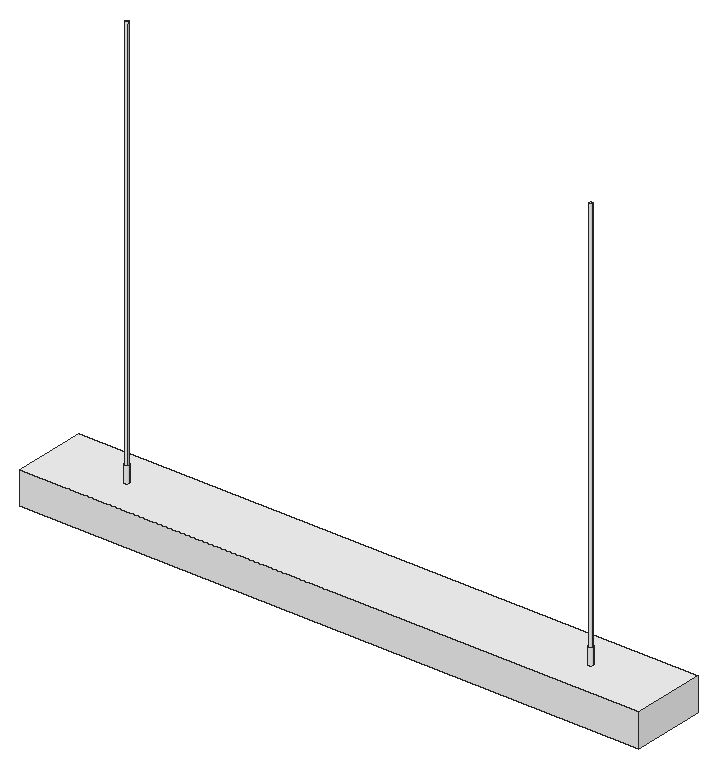
Revit family "Box Lean D - Generic", category Lighting Fixtures, Revit 2014
Parameters (values of type "Box Lean D 1200")
  Wattage = 21 W
  WarrantyGuarantorParts = "n/a"
  WarrantyDurationParts = "n/a"
  WarrantyDescription = "n/a"
  built-in parameter 1150110 = 1 (stored number, unit not read)
  Void Thickness = -2 mm
  Version = "v.1.0"
  Uniclass2 = "Pr_70_70_49_43 Light-Emitting Diode (LED) Luminaires"
  Uniclass 1.4 = "JY73"
  TotalWattage = "Max. 15W / 23W / 33W / 40W"
  built-in parameter 1114217 = 1 (stored number, unit not read)
  Tilt Angle = 90.00°
  built-in parameter 1150109 = 1 (stored number, unit not read)
  built-in parameter 1150134 = 12
  TagNumber = "n/a"
  SustainabilityPerformance = "n/a"
  Suspended Distance = 800 mm
  built-in parameter 1150113 = 1 (stored number, unit not read)
  SupplyCircuitConductorConnections = "n/a"
  Size = "142 x 1200 x 63 mm"
  Shape = "Rectangle"
  ProductInformation = "http://riegens.com/box-lean"
  PhotometricPerformance = "In accordance with BS EN 13032-1"
  Photometric Web File = "Box Lean 1200 21W 4000K Satinmatt.ies"
  PhaseReference = "IEC recommendations"
  Optic = "Satin-matt double parabolic louvre (DP-SM)"
  NominalVoltage = "220-240V"
  ModelReference = "Box Lean D 1200"
  Material = "Steel, lens optic in PMMA, double parabolic louvre in Miro finish"
  ManufacturersSpecificInformation = "n/a"
  ManufacturerURL = "www.riegens.com"
  Manufacturer = "Riegens A/S"
  built-in parameter 1150105 = 812.86 (stored number, unit not read)
  Lumens = 2247 lm
  LuminaireType = "Direct LED Luminaire"
  LuminairePowerFactor = ">0,9"
  built-in parameter 1150115 = 1 (stored number, unit not read)
  LightSource = "LED 3000K / 4000K"
  LightFixturePlacingType = "Ceiling"
  LightFixtureMountingType = "Surface / Suspended"
  built-in parameter 1150137 = (empty or 0)
  built-in parameter 1150139 = (empty or 0)
  LampType = "LED"
  LampRating = "13W / 21W / 31W / 38W"
  LampColourRenderingIndex = "Ra>80"
  built-in parameter 1150112 = 1 (stored number, unit not read)
  built-in parameter 1150114 = 1 (stored number, unit not read)
  InternalFuse = "Only required in emergency versions"
  InsulationStandardClass = "Class 1"
  built-in parameter 1150132 = (empty or 0)
  built-in parameter 1150102 = (empty or 0)
  built-in parameter 1150107 = 4000 (stored number, unit not read)
  built-in parameter 1150138 = (empty or 0)
  built-in parameter 1150106 = 8.1286 (stored number, unit not read)
  IfcExportType = "NOTDEFINED"
  IfcExportAs = "IfcLightFixtureType"
  IP_Code = "IP20"
  Height 1 = 63 mm
  HasProtectiveEarth = "TRUE"
  Grade = "n/a"
  Glass = Riegens_Glass_opal
  Frame Width = 1200 mm
  Frame Depth = 142 mm
  Frame = Riegens_Steel_Powder coated white RAL901025
  Fixing point Suspended = 900 mm
  Fixing point Surface = 980 mm
  Fixing point Height = if(Suspended Distance = 0 mm, 5 mm, 30 mm)  # 30 mm
  Finish = "Powder coated"
  Features = "n/a"
  built-in parameter 1150104 = 9.9406 (stored number, unit not read)
  Documentation = "See URL hyperlink"
  DocumentReference = "See URL hyperlink"
  Dimming Lamp Color Temperature Shift = <None>
  Description = "70-80-35 General Lighting Systems"
  ControlGearPosition = "Integrated "
  Constituents = "n/a"
  Colour = "White"
  Color Filter = 16777215
  CodePerformance = "n/a"
  Cassette Width = 0 mm
  Cassette Depth = 0 mm
  CCSTopnode = "L"
  CCSClassName = "Belysningsarmatur"
  CCSClassCode = "UAC"
  BarCode = "n/a"
  BallastsCELMAEnergyEfficiencyIndex = "Class A1/A2"
  built-in parameter 1114218 = 1 (stored number, unit not read)
  BSAB 96 = "SNB.2"
  BIMObjectName = "Box Lean D 1200.rfa"
  Author = "3dbyggeri"
  built-in parameter 1150133 = 10 (stored number, unit not read)
  AssetType = "Moveable/Fixed"
  AssetIdentifier = "n/a"
  ArticleNumber = "See URL hyperlink"
  AccessibilityPerformance = "n/a"
Types (3, lengths in mm): name | Wattage | TotalWattage | Suspended Distance | Size | Photometric Web File | ModelReference | built-in parameter 1150105 | Lumens | LampRating | built-in parameter 1150106 | Frame Width | Fixing point Suspended | Fixing point Surface | built-in parameter 1150104 | BIMObjectName
  (no name) | 21 W | "Max. 15W / 23W / 33W / 40W" | 800 | "142 x 1200 x 63 mm" | "Box Lean 1200 21W 4000K Satinmatt.ies" | "Box Lean D 1200" | 812.86 (stored number, unit not read) | 2247 lm | "13W / 21W / 31W / 38W" | 8.1286 (stored number, unit not read) | 1200 | 900 | 980 | 9.9406 (stored number, unit not read) | "Box Lean D 1200.rfa"
  Box Lean D 1200 | 21 W | "Max. 15W / 23W / 33W / 40W" | 800 | "142 x 1200 x 63 mm" | "Box Lean 1200 21W 4000K Satinmatt.ies" | "Box Lean D 1200" | 812.86 (stored number, unit not read) | 2247 lm | "13W / 21W / 31W / 38W" | 8.1286 (stored number, unit not read) | 1200 | 900 | 980 | 9.9406 (stored number, unit not read) | "Box Lean D 1200.rfa"
  Box Lean D 1500 | 48 W | "Max. 50W" | 900 | "142 x 1500 x 63 mm" | "Box Lean 1500 48W 4000K DP Satinmatt.ies" | "Box Lean D 1500" | 2805.8 (stored number, unit not read) | 4656 lm | "48W" | 28.058 (stored number, unit not read) | 1500 | 1200 | 1280 | 9.0116 (stored number, unit not read) | "Box Lean D 1500.rfa"
Reference planes
  plane 1 "Center (Front/Back)": y = 0
  plane 2: z = 0
  plane 3 "Center (Left/Right)": x = 0
  plane 4: x = -600
  plane 5: x = 600
  plane 6: y = 71
  plane 7: y = -71
  plane 8: y = 41
  plane 9: y = -41
  plane 10: x = -578
  plane 11: x = 578
  plane 12: x = -280
  plane 13: x = 280
  plane 14: y = 17.5
  plane 15: y = -17.5
  plane 16: z = 63
  plane 17: z = 123
  plane 18: z = 863
  plane 19: z = 93
  plane 20: x = -450
  plane 21: x = 450
Forms (mm)
  Extrusion 1, solid, material "Riegens_Steel_Powder coated white RAL901025" <- "Frame"
    sketch origin (185, 184, 0) x (1, 0, 0) y (0, 1, 0)
      loop
        line (-785, -113) -> (-785, -255) -> (415, -255) -> (415, -113) -> (-785, -113)
    from 0 to 63
  Extrusion 2, void
    sketch origin (0, 0, 0) x (1, 0, 0) y (0, 1, 0)
      loop
        line (-578, 41) -> (-578, -41) -> (578, -41) -> (578, 41) -> (-578, 41)
    from 0.5 to 0
  Extrusion 3, solid, material "Riegens_Glass_opal" <- "Glass"
    sketch origin (0, 0, 0) x (1, 0, 0) y (0, 1, 0)
      loop
        line (-578, 41) -> (-578, -41) -> (578, -41) -> (578, 41) -> (-578, 41)
    from 0.5 to 0
  Extrusion 4, solid, material "Riegens_Steel_Powder coated white RAL901025" <- "Frame"
    sketch origin (-1162.9, -1524, 63) x (-1, 0, 0) y (0, -1, 0)
      loop
        circle (-712.9, -1524) r 5
    from 30 to 0
  Extrusion 5, solid, material "Riegens_Steel_Powder coated white RAL901025" <- "Frame"
    sketch origin (-1162.9, -1524, 63) x (-1, 0, 0) y (0, -1, 0)
      loop
        circle (-1612.9, -1524) r 5
    from 30 to 0
  Extrusion 6, solid, material "Riegens_Steel_Powder coated white RAL901025" <- "Frame"
    sketch origin (-1162.9, -1524, 93) x (-1, 0, 0) y (0, -1, 0)
      loop
        circle (-1612.9, -1524) r 3
    from 770 to 0
  Extrusion 7, solid, material "Riegens_Steel_Powder coated white RAL901025" <- "Frame"
    sketch origin (-1162.9, -1524, 93) x (-1, 0, 0) y (0, -1, 0)
      loop
        circle (-712.9, -1524) r 3
    from 770 to 0
Cuts and joins
  Extrusion 2 cuts Extrusion 1
Lines and regions (mm)
  model lines
    curve 1: line (-578, 41, 0) -> (-578, -41, 0)
    curve 2: line (578, 41, 0) -> (578, -41, 0)
    curve 3: line (-544, 41, 0) -> (-544, -41, 0)
    curve 4: line (-510, 41, 0) -> (-510, -41, 0)
    curve 5: line (-476, 41, 0) -> (-476, -41, 0)
    curve 6: line (-442, 41, 0) -> (-442, -41, 0)
    curve 7: line (-408, 41, 0) -> (-408, -41, 0)
    curve 8: line (-374, 41, 0) -> (-374, -41, 0)
    curve 9: line (-340, 41, 0) -> (-340, -41, 0)
    curve 10: line (-306, 41, 0) -> (-306, -41, 0)
    curve 11: line (-272, 41, 0) -> (-272, -41, 0)
    curve 12: line (-238, 41, 0) -> (-238, -41, 0)
    curve 13: line (-204, 41, 0) -> (-204, -41, 0)
    curve 14: line (-170, 41, 0) -> (-170, -41, 0)
    curve 15: line (-136, 41, 0) -> (-136, -41, 0)
    curve 16: line (-102, 41, 0) -> (-102, -41, 0)
    curve 17: line (-68, 41, 0) -> (-68, -41, 0)
    curve 18: line (-34, 41, 0) -> (-34, -41, 0)
    curve 19: line (0, 41, 0) -> (0, -41, 0)
    curve 20: line (34, 41, 0) -> (34, -41, 0)
    curve 21: line (68, 41, 0) -> (68, -41, 0)
    curve 22: line (102, 41, 0) -> (102, -41, 0)
    curve 23: line (136, 41, 0) -> (136, -41, 0)
    curve 24: line (170, 41, 0) -> (170, -41, 0)
    curve 25: line (204, 41, 0) -> (204, -41, 0)
    curve 26: line (238, 41, 0) -> (238, -41, 0)
    curve 27: line (272, 41, 0) -> (272, -41, 0)
    curve 28: line (306, 41, 0) -> (306, -41, 0)
    curve 29: line (340, 41, 0) -> (340, -41, 0)
    curve 30: line (374, 41, 0) -> (374, -41, 0)
    curve 31: line (408, 41, 0) -> (408, -41, 0)
    curve 32: line (442, 41, 0) -> (442, -41, 0)
    curve 33: line (476, 41, 0) -> (476, -41, 0)
    curve 34: line (510, 41, 0) -> (510, -41, 0)
    curve 35: line (544, 41, 0) -> (544, -41, 0)
Dimensions and locks
  "Frame Width": plane 4 to plane 5
  "Frame Depth": plane 6 to plane 7
  locked: plane 12 to plane 13 at 560
  plane 14 to plane 15 = 35 mm
  equal spacing: plane 4, plane 3 "Center (Left/Right)", plane 5
  locked: plane 4 to plane 10 at 22
  locked: plane 11 to plane 5 at 22
  equal spacing: plane 12, plane 3 "Center (Left/Right)", plane 13
  equal spacing: plane 6, plane 1 "Center (Front/Back)", plane 7
  equal spacing: plane 14, plane 1 "Center (Front/Back)", plane 15
  locked: plane 6 to plane 8 at 30
  locked: plane 9 to plane 7 at 30
  "Height 1": plane 16 to plane 2
  "Suspended Distance": plane 18 to plane 16
  "Fixing point Height": plane 19 to plane 16
  "Fixing point Suspended": plane 20 to plane 21
  equal spacing: plane 20, plane 3 "Center (Left/Right)", plane 21
  equal spacing: group 1, group 3, group 4, group 5, group 6, group 7, group 8, group 9, group 10, group 11, group 12, group 13, group 14, group 15, group 16, group 17, group 18, group 19, group 20, group 21, group 22, group 23, group 24, group 25, group 26, group 27, group 28, group 29, group 30, group 31, group 32, group 33, group 34, group 35, group 2  (x3)
  aligned and locked: Extrusion 1 to plane 4
  aligned and locked: Extrusion 1 to plane 5
  aligned and locked: plane 7 to Extrusion 1
  aligned and locked: plane 6 to Extrusion 1
  aligned and locked: Extrusion 3 to plane 8
  aligned and locked: Extrusion 3 to plane 9
  aligned and locked: plane 10 to Extrusion 3
  aligned and locked: plane 11 to Extrusion 3
  aligned and locked: plane 16 to cut or joined group of Extrusion 1, Extrusion 2
  aligned and locked: plane 3 "Center (Left/Right)" to imposter light
  aligned and locked: imposter light to plane 1 "Center (Front/Back)"
  aligned and locked: plane 2 to imposter light
  aligned and locked: plane 20 to Extrusion 4 sketch curve
  aligned and locked: plane 19 to Extrusion 4
  aligned and locked: plane 21 to Extrusion 5 sketch curve
  aligned and locked: plane 19 to Extrusion 5
  aligned and locked: plane 21 to Extrusion 6 sketch curve
  aligned and locked: plane 18 to Extrusion 6
  aligned and locked: plane 18 to Extrusion 7
  aligned and locked: curve 2 to Extrusion 3
  aligned and locked: curve 1 to Extrusion 3
Automatic sketch dimensions
  Extrusion 1 sketch curve to plane 4 = 0 mm
  Extrusion 1 sketch curve to plane 5 = 0 mm
  plane 7 to Extrusion 1 sketch curve = 0 mm
  Extrusion 1 sketch curve to plane 6 = 0 mm
  Extrusion 2 sketch curve to plane 9 = 0 mm
  Extrusion 2 sketch curve to plane 10 = 0 mm
  Extrusion 2 sketch curve to plane 11 = 0 mm
  plane 8 to Extrusion 2 sketch curve = 0 mm
  Extrusion 3 sketch curve to plane 9 = 0 mm
  Extrusion 3 sketch curve to plane 10 = 0 mm
  Extrusion 3 sketch curve to plane 11 = 0 mm
  plane 8 to Extrusion 3 sketch curve = 0 mm
  plane 1 "Center (Front/Back)" to Extrusion 4 sketch curve = 0 mm
  plane 1 "Center (Front/Back)" to Extrusion 5 sketch curve = 0 mm
  plane 1 "Center (Front/Back)" to Extrusion 6 sketch curve = 0 mm
  plane 1 "Center (Front/Back)" to Extrusion 7 sketch curve = 0 mm
  Extrusion 7 sketch curve to plane 20 = 0 mm
  radius of Extrusion 4 sketch curve = 5 mm
  radius of Extrusion 5 sketch curve = 5 mm
  radius of Extrusion 6 sketch curve = 3 mm
  radius of Extrusion 7 sketch curve = 3 mm
Connectors
  electrical at (0, 0, 63)
    settings: on cut or joined group of Extrusion 1, Extrusion 2, index 1, voltage 0 V, apparent load 0 VA, apparent load phase1 0 VA, apparent load phase2 0 VA, apparent load phase3 0 VA, power factor 1, load classification "Other", number of poles 1, system type 31, power factor state 1, is connector primary yes, connector utility no, sub classification motor no, connector description ""
